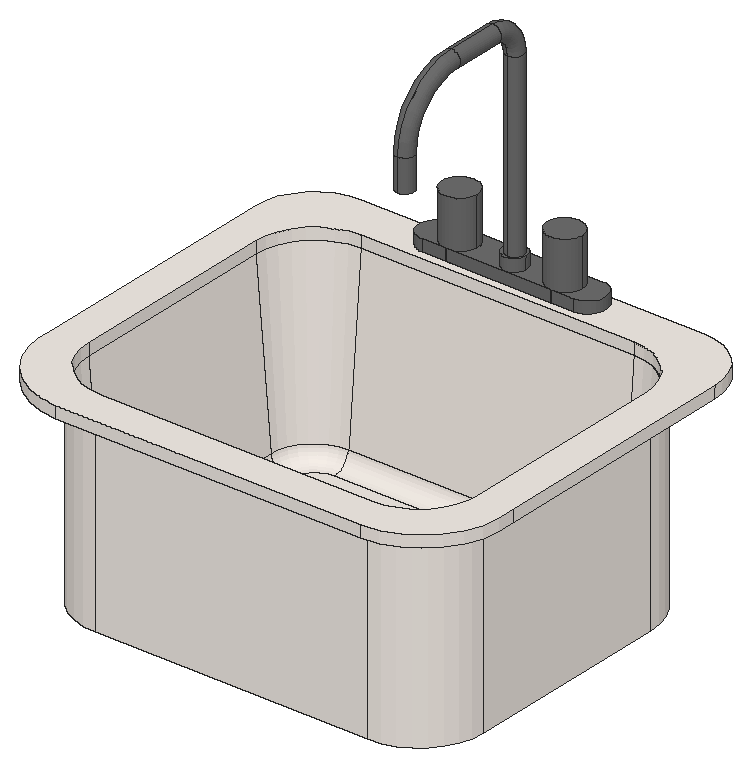
Revit family "SINK3", category Plumbing Fixtures, Revit 2023
Family settings
  Round Connector Dimension = Use Diameter
  Part Type = Normal
  Work Plane-Based = No
  Enable Cutting in Views = No
  Always vertical = Yes
  Cut with Voids When Loaded = No
  Maintain Annotation Orientation = No
  Shared = Yes
  Room Calculation Point = No
Parameters (values of type "500 x 440mm")
  Default Elevation = 0.00 mm
  Basin Material = Porcelain - Linen
  Counter Height = 750.00 mm
  Depth = 440.00 mm
  Fixture Material = Metal - Steel, Polished
  Width = 500.00 mm
Reference planes
  plane 1 "Center (Front/Back)": y = 5.52
  plane 2: z = 0
  plane 3 "Center (Left/Right)": x = 15.689
  plane 4: y = 180.145
  plane 5: y = -259.855
  plane 6: x = -234.311
  plane 7: x = 265.689
  plane 8 "Top Of Counter": z = 750
  plane 9: z = 762.7
  plane 10: z = 534.1
  plane 11: y = 132.52
  plane 12: x = -196.211
  plane 13: y = -221.755
  plane 14: x = 227.589
  plane 15: x = -85.911
  plane 16: x = 117.289
  plane 17: y = 156.333
  plane 18: y = 156.333
  plane 19: y = 156.333
  plane 20: z = 1013.525
  plane 21: y = 7.108
  plane 22: z = 826.2
  plane 23: z = 788.1
  plane 24: y = 161.095
  plane 25: x = -47.811
  plane 26: x = 66.489
Forms (mm)
  Extrusion 1, solid, material "Porcelain - Linen" <- "Basin Material"
    sketch origin (0, 0, 0) x (1, 0, 0) y (0, 1, 0)
      loop
        arc (181.339, -259.855) -> (246.052, -227.766) -> (265.689, -158.255) r 89.057
        line (265.689, -158.255) -> (265.689, 116.645)
        arc (265.689, 116.645) -> (247.091, 161.547) -> (202.189, 180.145) r 63.5
        line (202.189, 180.145) -> (-170.811, 180.145)
        arc (-170.811, 180.145) -> (-215.712, 161.547) -> (-234.311, 116.645) r 63.5
        line (-234.311, 116.645) -> (-234.311, -158.255)
        arc (-234.311, -158.255) -> (-214.674, -227.766) -> (-149.961, -259.855) r 89.057
        line (-149.961, -259.855) -> (181.339, -259.855)
      loop
        arc (-132.711, 132.52) -> (-177.612, 113.922) -> (-196.211, 69.02) r 63.5
        line (-196.211, 69.02) -> (-196.211, -158.255)
        arc (-196.211, -158.255) -> (-177.612, -203.156) -> (-132.711, -221.755) r 63.5
        line (-132.711, -221.755) -> (164.089, -221.755)
        arc (164.089, -221.755) -> (208.991, -203.156) -> (227.589, -158.255) r 63.5
        line (227.589, -158.255) -> (227.589, 69.02)
        arc (227.589, 69.02) -> (208.991, 113.922) -> (164.089, 132.52) r 63.5
        line (164.089, 132.52) -> (-132.711, 132.52)
    from 750 to 762.7
  Sweep 2, solid, material "Porcelain - Linen" <- "Basin Material"
    path origin (0, 0, 0) x (1, 0, 0) y (0, 1, 0)
      loop
        arc (-132.711, 132.52) -> (-177.612, 113.922) -> (-196.211, 69.02) r 63.5
        line (-196.211, 69.02) -> (-196.211, -158.255)
        arc (-196.211, -158.255) -> (-177.612, -203.156) -> (-132.711, -221.755) r 63.5
        line (-132.711, -221.755) -> (164.089, -221.755)
        arc (164.089, -221.755) -> (208.991, -203.156) -> (227.589, -158.255) r 63.5
        line (227.589, -158.255) -> (227.589, 69.02)
        arc (227.589, 69.02) -> (208.991, 113.922) -> (164.089, 132.52) r 63.5
        line (164.089, 132.52) -> (-132.711, 132.52)
    profile origin (15.689, 0, 0) x (0, 1, 0) y (0, 0, 1)
      loop
        line (132.52, 750) -> (115.986, 561.015)
        arc (115.986, 561.015) -> (109.879, 548.63) -> (97.009, 543.625) r 19.05
        line (97.009, 543.625) -> (94.42, 543.625) -> (94.42, 534.1) -> (138.87, 534.1) -> (138.87, 750) -> (132.52, 750)
  Extrusion 3, solid, material "Porcelain - Linen" <- "Basin Material"
    sketch origin (0, 0, 0) x (1, 0, 0) y (0, 1, 0)
      loop
        arc (-132.711, 94.42) -> (-150.671, 86.981) -> (-158.111, 69.02) r 25.4
        line (-158.111, 69.02) -> (-158.111, -158.255)
        arc (-158.111, -158.255) -> (-150.671, -176.215) -> (-132.711, -183.655) r 25.4
        line (-132.711, -183.655) -> (164.089, -183.655)
        arc (164.089, -183.655) -> (182.05, -176.215) -> (189.489, -158.255) r 25.4
        line (189.489, -158.255) -> (189.489, 69.02)
        arc (189.489, 69.02) -> (182.05, 86.981) -> (164.089, 94.42) r 25.4
        line (164.089, 94.42) -> (-132.711, 94.42)
      loop
        circle (15.689, 3.175) r 25.4
    from 534.1 to 543.625
  Extrusion 4, solid, material "Metal - Steel, Polished" <- "Fixture Material"
    sketch origin (0, -17.559, 0) x (1, 0, 0) y (0, 1, 0)
      loop
        circle (-47.811, 178.654) r 19.05
      loop
        circle (66.489, 178.654) r 19.05
    from 762.7 to 826.2
  Sweep 5, solid, material "Metal - Steel, Polished" <- "Fixture Material"
    path origin (15.689, 0, 0) x (0, 1, 0) y (0, 0, 1)
      loop
        line (156.333, 762.7) -> (156.333, 983.363)
        arc (156.333, 983.363) -> (147.499, 1004.691) -> (126.17, 1013.525) r 30.163
        line (126.17, 1013.525) -> (70.608, 1013.525)
        arc (70.608, 1013.525) -> (25.707, 994.926) -> (7.108, 950.025) r 63.5
        line (7.108, 950.025) -> (7.108, 915.1)
    profile origin (15.689, 0, 873.031) x (0, -1, 0) y (1, 0, 0)
      loop
        circle (-156.333, 0) r 9.525
  Extrusion 6, solid, material "Metal - Steel, Polished" <- "Fixture Material"
    sketch origin (0, 0, 0) x (1, 0, 0) y (0, 1, 0)
      loop
        circle (15.689, 156.333) r 12.7
    from 762.7 to 788.1
  Extrusion 7, solid, material "Metal - Steel, Polished" <- "Fixture Material"
    sketch origin (0, 0, 0) x (1, 0, 0) y (0, 1, 0)
      loop
        arc (-73.211, 180.145) -> (-92.261, 161.095) -> (-73.211, 142.045) r 19.05
        line (-73.211, 142.045) -> (91.889, 142.045)
        arc (91.889, 142.045) -> (110.939, 161.095) -> (91.889, 180.145) r 19.05
        line (91.889, 180.145) -> (-73.211, 180.145)
    from 762.7 to 775.2
Cuts and joins
  joined: Sweep 5, Extrusion 6, Extrusion 7
  joined: Sweep 2, Extrusion 3
Lines and regions (mm)
  symbolic lines
    curve 1: line (265.689, -175.505, 0) -> (265.689, 116.645, 0)
    curve 2: line (-145.411, -259.855, 0) -> (181.339, -259.855, 0)
    curve 3: line (-234.311, 116.645, 0) -> (-234.311, -170.955, 0)
    curve 4: arc (41.089, 3.175, 0) -> (15.689, 28.575, 0) -> (-9.711, 3.175, 0) r 25.4
    curve 5: arc (-9.711, 3.175, 0) -> (15.689, -22.225, 0) -> (41.089, 3.175, 0) r 25.4
    curve 6: line (-196.211, 69.02, 0) -> (-196.211, -158.255, 0)
    curve 7: line (-132.711, -221.755, 0) -> (164.089, -221.755, 0)
    curve 8: line (227.589, -158.255, 0) -> (227.589, 69.02, 0)
    curve 9: line (164.089, 132.52, 0) -> (28.389, 132.52, 0)
    curve 10: arc (164.089, -221.755, 0) -> (208.991, -203.156, 0) -> (227.589, -158.255, 0) r 63.5
    curve 11: arc (-196.211, -158.255, 0) -> (-177.612, -203.156, 0) -> (-132.711, -221.755, 0) r 63.5
    curve 12: arc (-132.711, 132.52, 0) -> (-177.612, 113.922, 0) -> (-196.211, 69.02, 0) r 63.5
    curve 13: arc (28.389, 160.745, 0) -> (15.689, 173.445, 0) -> (2.989, 160.745, 0) r 12.7
    curve 14: line (2.989, 160.745, 0) -> (2.989, 40.391, 0)
    curve 15: line (28.389, 160.745, 0) -> (28.389, 40.391, 0)
    curve 16: arc (28.389, 40.391, 0) -> (15.689, 27.691, 0) -> (2.989, 40.391, 0) r 12.7
    curve 17: line (2.989, 132.52, 0) -> (-132.711, 132.52, 0)
    curve 18: arc (-234.311, -170.955, 0) -> (-208.273, -233.816, 0) -> (-145.411, -259.855, 0) r 88.9
    curve 19: arc (181.339, -259.855, 0) -> (240.984, -235.149, 0) -> (265.689, -175.505, 0) r 84.35
    curve 20: arc (164.089, 132.52, 0) -> (208.991, 113.922, 0) -> (227.589, 69.02, 0) r 63.5
    curve 21: line (202.189, 180.145, 0) -> (-170.811, 180.145, 0)
    curve 22: arc (-170.811, 180.145, 0) -> (-215.712, 161.547, 0) -> (-234.311, 116.645, 0) r 63.5
    curve 23: arc (265.689, 116.645, 0) -> (247.091, 161.547, 0) -> (202.189, 180.145, 0) r 63.5
    curve 24: arc (85.539, 161.095, 0) -> (66.489, 180.145, 0) -> (47.439, 161.095, 0) r 19.05
    curve 25: arc (85.539, 161.095, 0) -> (66.489, 142.045, 0) -> (47.439, 161.095, 0) r 19.05
    curve 26: arc (-28.761, 161.095, 0) -> (-47.811, 180.145, 0) -> (-66.861, 161.095, 0) r 19.05
    curve 27: arc (-66.861, 161.095, 0) -> (-47.811, 142.045, 0) -> (-28.761, 161.095, 0) r 19.05
    curve 28: line (-73.211, 142.045, 0) -> (2.989, 142.045, 0)
    curve 29: arc (91.889, 142.045, 0) -> (110.939, 161.095, 0) -> (91.889, 180.145, 0) r 19.05
    curve 30: arc (-73.211, 180.145, 0) -> (-92.261, 161.095, 0) -> (-73.211, 142.045, 0) r 19.05
    curve 31: line (91.889, 180.145, 0) -> (-73.211, 180.145, 0)
    curve 32: line (28.389, 142.045, 0) -> (91.889, 142.045, 0)
Dimensions and locks
  equal spacing: plane 6, plane 3 "Center (Left/Right)", plane 7
  "Width": plane 6 to plane 7
  "Depth": plane 5 to plane 4
  "Counter Height": plane 8 "Top Of Counter" to plane 2
  locked: plane 9 to plane 8 "Top Of Counter" at 12.7
  locked: plane 8 "Top Of Counter" to plane 10 at 215.9
  locked: plane 6 to plane 12 at 38.1
  locked: plane 14 to plane 7 at 38.1
  locked: plane 5 to plane 13 at 38.1
  equal spacing: plane 11, plane 17, plane 4
  equal spacing: plane 11, plane 18, plane 4
  equal spacing: plane 4, plane 19, plane 11
  locked: plane 19 to plane 21 at 149.225
  locked: plane 20 to plane 9 at 250.825
  locked: plane 22 to plane 9 at 63.5
  locked: plane 23 to plane 9 at 25.4
  locked: plane 1 "Center (Front/Back)" to plane 4 at 174.625
  plane 24 to plane 4 = 19.05 mm
  locked: plane 25 to plane 3 "Center (Left/Right)" at 63.5
  locked: plane 3 "Center (Left/Right)" to plane 26 at 50.8
  aligned and locked: Extrusion 1 sketch curve to plane 5
  aligned and locked: plane 8 "Top Of Counter" to Extrusion 1
  aligned and locked: Extrusion 1 to plane 9
  aligned and locked: plane 11 to Extrusion 1 sketch curve
  aligned and locked: plane 14 to Extrusion 1 sketch curve
  aligned and locked: Extrusion 1 sketch curve to plane 12
  aligned and locked: Extrusion 1 sketch curve to plane 13
  aligned and locked: plane 11 to Sweep 2 sketch curve
  aligned and locked: plane 14 to Sweep 2 sketch curve
  aligned and locked: Sweep 2 sketch curve to plane 12
  aligned and locked: Sweep 2 sketch curve to plane 13
  aligned and locked: Sweep 2 to Extrusion 3 sketch curve  (x4)
  aligned and locked: Sweep 2 to Extrusion 3
  aligned and locked: plane 10 to Extrusion 3
  aligned and locked: Sweep 2 sketch curve to plane 10
  aligned and locked: plane 8 "Top Of Counter" to Sweep 2 sketch curve
  aligned and locked: Extrusion 4 to Extrusion 1
  aligned and locked: Extrusion 6 to Extrusion 1
  aligned and locked: Sweep 5 sketch curve to plane 19
  aligned and locked: plane 20 to Sweep 5 sketch curve
  aligned and locked: plane 21 to Sweep 5 sketch curve
  aligned and locked: Extrusion 4 to plane 22
  aligned and locked: Extrusion 6 to plane 23
  aligned and locked: Extrusion 7 to Extrusion 1
Automatic sketch dimensions
  Sweep 2 sketch curve to plane 12 = 63.50 mm
  Sweep 2 sketch curve to Sweep 2 sketch curve = 63.50 mm
  plane 11 to Sweep 2 sketch curve = 63.50 mm
  plane 14 to Sweep 2 sketch curve = 63.50 mm
  Sweep 2 sketch curve to profile plane = 0.00 mm
  profile plane to Sweep 2 sketch curve = 16.534 mm
  Sweep 2 sketch curve to Sweep 2 sketch curve = 18.978 mm
  Sweep 2 sketch curve to Sweep 2 sketch curve = 2.588 mm
  Sweep 2 sketch curve to profile plane = 6.35 mm
  Sweep 2 sketch curve to Sweep 2 sketch curve = 9.525 mm
  Sweep 2 sketch curve to Sweep 2 sketch curve = 17.39 mm
  Sweep 5 sketch curve to plane 3 "Center (Left/Right)" = 0.00 mm
  Sweep 5 sketch curve to profile plane = 0.00 mm
  profile plane to Sweep 5 sketch curve = 9.525 mm
  Extrusion 6 sketch curve to plane 18 = 0.00 mm
  Extrusion 6 sketch curve to plane 3 "Center (Left/Right)" = 0.00 mm
  Extrusion 6 sketch curve to plane 3 "Center (Left/Right)" = 12.70 mm
  Sweep 5 sketch curve to plane 9 = 0.00 mm
  Sweep 5 sketch curve to Sweep 5 sketch curve = 63.50 mm
  plane 11 to Sweep 5 sketch curve = 6.35 mm
  Sweep 5 sketch curve to Sweep 5 sketch curve = 34.925 mm
  Extrusion 3 sketch curve to plane 3 "Center (Left/Right)" = 0.00 mm
  Extrusion 3 sketch curve to Extrusion 3 sketch curve = 25.40 mm  (x4)
  plane 1 "Center (Front/Back)" to Extrusion 3 sketch curve = 2.345 mm
  Extrusion 3 sketch curve to plane 1 "Center (Front/Back)" = 63.50 mm
  Extrusion 7 sketch curve to plane 24 = 0.00 mm
  plane 25 to Extrusion 7 sketch curve = 25.40 mm
  plane 4 to Extrusion 7 sketch curve = 0.00 mm
  plane 3 "Center (Left/Right)" to Extrusion 7 sketch curve = 76.20 mm
  Extrusion 1 sketch curve to plane 6 = 0.00 mm
  Extrusion 1 sketch curve to plane 4 = 0.00 mm
  Extrusion 1 sketch curve to plane 7 = 0.00 mm
  plane 11 to Extrusion 1 sketch curve = 15.875 mm
  Extrusion 1 sketch curve to Extrusion 1 sketch curve = 38.10 mm
  Extrusion 1 sketch curve to plane 12 = 46.25 mm
  Extrusion 1 sketch curve to Extrusion 1 sketch curve = 50.057 mm
  Extrusion 1 sketch curve to Extrusion 1 sketch curve = 17.25 mm  (x2)
  Extrusion 1 sketch curve to Extrusion 1 sketch curve = 63.50 mm  (x2)
  Extrusion 1 sketch curve to Extrusion 1 sketch curve = 13.443 mm
  plane 14 to Extrusion 1 sketch curve = 25.40 mm
  Extrusion 1 sketch curve to Extrusion 1 sketch curve = 12.625 mm  (x2)
  Extrusion 4 sketch curve to plane 24 = 0.00 mm  (x2)
  Extrusion 4 sketch curve to plane 25 = 0.00 mm
  Extrusion 4 sketch curve to plane 26 = 0.00 mm
  Extrusion 4 sketch curve to Extrusion 4 sketch curve = 19.05 mm  (x2)
  curve 22 to plane 6 = 0.00 mm
  curve 17 to plane 11 = 0.00 mm
  curve 22 to plane 4 = 0.00 mm
  curve 18 to plane 5 = 0.00 mm
  curve 11 to plane 13 = 0.00 mm
  curve 31 to plane 4 = 0.00 mm
  curve 30 to plane 24 = 0.00 mm
  curve 27 to plane 24 = 0.00 mm
  curve 26 to plane 25 = 0.00 mm
  curve 16 to plane 3 "Center (Left/Right)" = 0.00 mm
  curve 4 to plane 3 "Center (Left/Right)" = 0.00 mm
  curve 24 to plane 24 = 0.00 mm
  curve 25 to plane 26 = 0.00 mm
  curve 20 to plane 14 = 0.00 mm
  curve 1 to plane 7 = 0.00 mm
  curve 17 to plane 12 = 63.50 mm
  curve 22 to plane 12 = 25.40 mm
  curve 6 to curve 18 = 50.80 mm
  curve 18 to curve 11 = 12.70 mm
  plane 25 to curve 28 = 25.40 mm
  curve 30 to curve 27 = 6.35 mm
  plane 1 "Center (Front/Back)" to curve 4 = 2.345 mm
  curve 4 to curve 4 = 25.40 mm
  curve 14 to curve 16 = 12.70 mm
  curve 24 to curve 24 = 19.05 mm
  curve 24 to curve 29 = 6.35 mm
  curve 10 to curve 8 = 63.50 mm
  curve 20 to curve 20 = 63.50 mm
  curve 7 to curve 19 = 17.25 mm
  plane 14 to curve 23 = 25.40 mm
  curve 15 to plane 1 "Center (Front/Back)" = 34.87 mm
  plane 24 to curve 13 = 0.351 mm
  curve 29 to plane 24 = 0.00 mm
  curve 9 to plane 11 = 0.00 mm
  curve 6 to plane 12 = 0.00 mm
